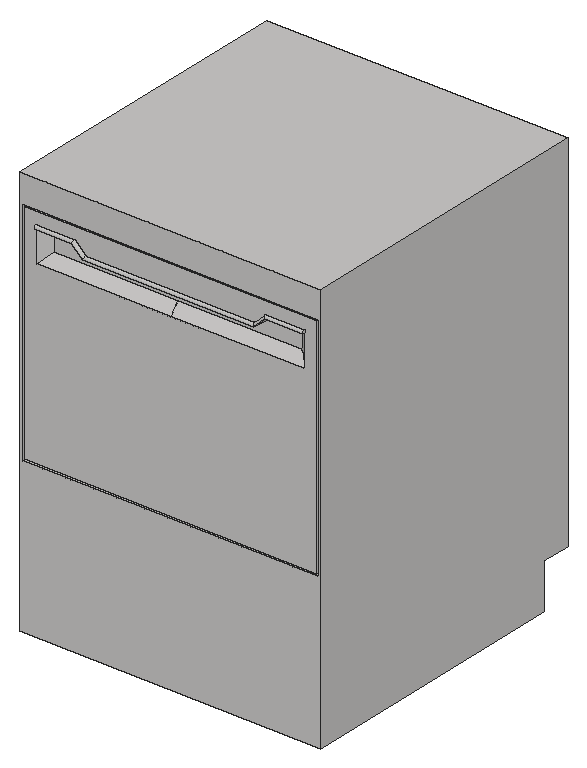
Revit family "QF_ELECTROLUXPROFESSIONAL_502715_ELAI3GUSPH6", category Specialty Equipment, Revit 2018
Family settings
  Round Connector Dimension = Use Diameter
  Part Type = Normal
  Work Plane-Based = No
  Always vertical = Yes
  Cut with Voids When Loaded = No
  Shared = No
  Room Calculation Point = No
Parameters
  Weight = 68.00 kg
  Watts = 0 W
  Volts = 0 V
  URL Manufacturer = ""
  URL = "http://professional.electrolux.com/"
  Steam Supply Size = 0 mm
  Steam Supply Minimum Pressure = 0.0 Pa
  Steam Supply Maximum Pressure = 0.0 Pa
  Steam Pounds per Hour = 0
  Show Logo [instance] = yes
  Show Clearance [instance] = yes
  Refrigeration Suction Line Size = 0 mm
  Refrigeration Liquid Line Size = 0 mm
  Refrigerant Compressor Remote = yes
  Manufacturer = ""
  Phase = 0
  Model = ""
  Length Actual = 600 mm  # constant formula
  Item Number = ""
  Hot Water Size = 0 mm
  Height Actual = 820 mm  # constant formula
  HP = "9.2 HP"
  Gas Size = 0 mm
  Gas KW = 0
  Gas Input Pressure = 0 W
  Direct Waste Size = 20.5 mm
  Description = ""
  Depth Actual = 615 mm  # constant formula
  Cycle = 0 Hz
  Condensate Return Size = 0 mm
  Compressed Air Volume = 0.0 L/s
  Compressed Air Size = 0 mm
  Compressed Air Pressure = 0.0 Pa
  Cold Water Size = 0 mm
  Accessory = yes
Types (2, lengths in mm): name | Volts | URL Manufacturer | URL | Manufacturer | Phase | Model | Item Number | Hot Water Size | Description | Cycle
  (no name) | 0 V | "" | "http://professional.electrolux.com/" | "" | 0 | "" | "" | 0 | "" | 0 Hz
  Standard | 440 V | "http://professional.electrolux.com" | "http://professional.electrolux.com" | "Electrolux Professional" | 3 | "ELAI3GUSPH6" | "502715" | 19.05 | "UNDERCOUNTER(L), DOUBLE SKIN, 3PH, DP, DD, 720D/H - 440V/ 3/ 60HZ USPH" | 60 Hz
Reference planes
  plane 1 "Center (Front/Back)": y = 0
  plane 2: z = 0
  plane 3 "Center (Left/Right)": x = 0
  plane 4 "LEFT": x = -300
  plane 5 "RIGHT": x = 300
  plane 6 "FRONT": y = -307.5
  plane 7 "BACK": y = 307.5
  plane 8: z = 830
  plane 9: z = 10
  plane 10: y = 268.5
Forms (mm)
  Extrusion 1, solid, material "QF_Finishes_Stainless Steel"
    sketch origin (0, 0, 0) x (1, 0, 0) y (0, 1, 0)
      loop
        line (-300, -307.5) -> (300, -307.5) -> (300, 249.5) -> (-300, 249.5) -> (-300, -307.5)
    from 10 to 830
  Extrusion 2, solid, material "QF_Finishes_Stainless Steel"
    sketch origin (0, 0, 0) x (1, 0, 0) y (0, 1, 0)
      loop
        line (-300, 249.5) -> (300, 249.5) -> (300, 307.5) -> (-300, 307.5) -> (-300, 249.5)
    from 100 to 830
  Extrusion 3, solid, material "QF_Finishes_Stainless Steel"
    sketch origin (0, 0, 0) x (1, 0, 0) y (0, 1, 0)
      loop
        circle (-254, 193.5) r 12.5
      loop
        circle (254, 193.5) r 12.5
      loop
        circle (-254, -237.5) r 12.5
      loop
        circle (254, -237.5) r 12.5
    from 0 to 10
  Extrusion 4, void
    sketch origin (-300, -307.5, 0) x (-1, 0, 0) y (0, 0, 1)
      loop
        line (-5, 773.217) -> (-595, 773.217) -> (-595, 315.188) -> (-5, 315.188) -> (-5, 773.217)
    from 0 to 30
  Extrusion 5, solid, material "QF_Finishes_Stainless Steel"
    sketch origin (-274, -411, 733) x (0, 0, -1) y (1, 0, 0)
      loop
        circle (693, 143) r 10
    from -660.5 to -718.5
  Extrusion 6, solid, material "QF_Door-Drawer Clearances", visible <- "Show Clearance", detail levels coarse
    sketch origin (-230, -282.5, 0) x (0, 1, 0) y (0, 0, -1)
      loop
        line (-25, -319.312) -> (-397, -319.312)
        arc (-397, -319.312) -> (-298.139, -616.581) -> (-25, -770) r 434.302
        line (-25, -770) -> (-25, -319.312)
    from 61.225 to -521.647
  Extrusion 7, solid, material "QF_Finishes_Stainless Steel"
    sketch origin (-331.481, -411, 703) x (0, 0, -1) y (1, 0, 0)
      loop
        circle (663, 252.481) r 8
    from -660.5 to -718.5
  Extrusion 8, solid, material "QF_Finishes_Stainless Steel"
    sketch origin (-230, -282.5, 0) x (0, 1, 0) y (0, 0, -1)
      loop
        line (-25, -319.312) -> (-25, -770) -> (0, -770) -> (0, -319.312) -> (-25, -319.312)
    from 61.225 to -521.647
  Extrusion 9, solid, material "QF_Finishes_Stainless Steel"
    sketch origin (-301, 942.75, 760.5) x (0, -1, 0) y (1, 0, 0)
      loop
        circle (663, 158) r 8
    from -660.5 to -670.5
  Blend 10, void
    base sketch origin (-230, -307.5, 770) x (0, 0, -1) y (1, 0, 0)
      loop
        line (93.563, -37.311) -> (93.563, 230) -> (93.563, 497.311) -> (28.563, 497.311) -> (28.563, 422.311) -> (49.776, 401.098) -> (49.776, 230) -> (49.776, 58.902) -> (28.563, 37.689) -> (28.563, -37.311) -> (93.563, -37.311)
    top sketch origin (-230, -307.5, 770) x (0, 0, -1) y (1, 0, 0)
      loop
        line (73.563, -17.311) -> (73.563, 230) -> (73.563, 477.311) -> (31.063, 477.311) -> (31.063, 422.311) -> (52.276, 401.098) -> (52.276, 58.902) -> (31.063, 37.689) -> (31.063, -17.311) -> (73.563, -17.311)
    from 0 to -19.433
  Sweep 11, solid, material "QF_Finishes_Stainless Steel"
    path origin (-230, -307.5, 770) x (0, 0, -1) y (1, 0, 0)
      loop
        line (28.563, -37.311) -> (28.563, 37.689) -> (49.776, 58.902) -> (49.776, 401.098) -> (28.563, 422.311) -> (28.563, 497.311)
    profile origin (-229.811, -307.5, 741.437) x (0, 0, 1) y (0, -1, 0)
      loop
        line (0, 0) -> (5, 0)
        arc (5, 0) -> (3.536, 3.536) -> (0, 5) r 5
        arc (0, 5) -> (-0.037, 0.962) -> (-0.394, -3.06) r 51.04
        line (-0.394, -3.06) -> (0, 0)
Cuts and joins
  Extrusion 4 cuts Extrusion 1
  joined: Extrusion 1, Extrusion 2
  Blend 10 cuts Extrusion 8
Lines and regions (mm)
  Split face 1
    outline origin (-300, -307.5, 830) x (0, 0, -1) y (1, 0, 0)
      loop
        line (56.783, 5) -> (56.783, 0)
      loop
        line (56.783, 595) -> (56.783, 600)
      loop
        line (37.034, 600) -> (37.034, 514.297)
        arc (37.034, 514.297) -> (37.64, 511.25) -> (39.366, 508.667) r 7.962
        line (39.366, 508.667) -> (44.289, 503.744)
        arc (44.289, 503.744) -> (46.135, 500.982) -> (46.783, 497.723) r 8.515
        line (46.783, 497.723) -> (46.783, 87.277)
        arc (46.783, 87.277) -> (46.135, 84.018) -> (44.289, 81.256) r 8.515
        line (44.289, 81.256) -> (39.366, 76.333)
        arc (39.366, 76.333) -> (37.64, 73.75) -> (37.034, 70.703) r 7.962
        line (37.034, 70.703) -> (37.034, 0)
  Split face 2
    outline origin (-300, -307.5, 830) x (0, 0, -1) y (1, 0, 0)
      loop
        line (13.15, 274.82) -> (37.034, 274.82) -> (37.034, 325.18) -> (13.15, 325.18) -> (13.15, 274.82)
  symbolic lines
    curve 1: line (-300, 307.5, 0) -> (300, 307.5, 0)
    curve 2: line (-300, -307.5, 0) -> (-300, 307.5, 0)
    curve 3: line (300, -307.5, 0) -> (-300, -307.5, 0)
    curve 4: line (300, 307.5, 0) -> (300, -307.5, 0)
  symbolic lines, style "QF_Door-Drawer Clearances"
    curve 5: line (-291.225, -679.5, 0) -> (291.647, -679.5, 0)
    curve 6: line (291.647, -679.5, 0) -> (291.647, -307.5, 0)
    curve 7: line (-291.225, -679.5, 0) -> (-291.225, -307.5, 0)
  symbolic lines, style "SpecialityEquipmentHiddenLines"
    curve 8: line (-300, 249.5, 0) -> (300, 249.5, 0)
Dimensions and locks
  equal spacing: plane 4 "LEFT", plane 3 "Center (Left/Right)", plane 5 "RIGHT"
  equal spacing: plane 7 "BACK", plane 1 "Center (Front/Back)", plane 6 "FRONT"
  plane 7 "BACK" to plane 6 "FRONT" = 615 mm
  plane 4 "LEFT" to plane 5 "RIGHT" = 600 mm
  locked: plane 9 to level at 10
  plane 4 "LEFT" to plane 3 "Center (Left/Right)" = 300 mm
  plane 8 to level = 830 mm  (x2)
  Extrusion 9 sketch curve to plane 4 "LEFT" = 157 mm
  level to Extrusion 5 sketch curve = 40 mm
  Extrusion 5 sketch curve to plane 4 "LEFT" = 169 mm
  Extrusion 7 sketch curve to plane 4 "LEFT" = 221 mm
  level to Extrusion 7 sketch curve = 40 mm
  Extrusion 3 to cut or joined group of Extrusion 1, Extrusion 2, Extrusion 4 = 114 mm
  Extrusion 3 to Extrusion 3 = 431 mm
  plane 6 "FRONT" to Extrusion 3 = 70 mm
  plane 1 "Center (Front/Back)" to plane 6 "FRONT" = 307.5 mm
  locked: plane 7 "BACK" to plane 10 at 39
  plane 7 "BACK" to curve 5 = 987 mm
  Extrusion 8 to cut or joined group of Extrusion 1, Extrusion 2, Extrusion 4 = 454.812 mm
  aligned and locked: level to plane 2
  aligned and locked: Extrusion 1 sketch curve to plane 6 "FRONT"
  aligned and locked: Extrusion 1 sketch curve to plane 4 "LEFT"
  aligned and locked: plane 5 "RIGHT" to Extrusion 1 sketch curve
  aligned and locked: Extrusion 1 to plane 9
  aligned and locked: Extrusion 2 sketch curve to Extrusion 1
  aligned and locked: plane 7 "BACK" to Extrusion 2 sketch curve
  aligned and locked: plane 5 "RIGHT" to Extrusion 2 sketch curve
  aligned and locked: plane 9 to Extrusion 3
Automatic sketch dimensions
  Extrusion 1 sketch curve to plane 10 = 19 mm
  Extrusion 2 sketch curve to plane 10 = 19 mm
  plane 4 "LEFT" to Extrusion 3 sketch curve = 46 mm  (x2)
  Extrusion 3 sketch curve to plane 5 "RIGHT" = 46 mm  (x2)
  plane 6 "FRONT" to Extrusion 3 sketch curve = 70 mm  (x2)
  Extrusion 3 sketch curve to plane 10 = 75 mm  (x2)
  Extrusion 4 sketch curve to Extrusion 1 = 5 mm  (x2)
  Extrusion 4 sketch curve to Extrusion 1 = 305.188 mm
  Extrusion 4 sketch curve to Extrusion 1 = 56.783 mm
  Extrusion 8 sketch curve to plane 6 "FRONT" = 0 mm
  Extrusion 8 sketch curve to Extrusion 8 sketch curve = 25 mm
  Extrusion 8 sketch curve to plane 8 = 60 mm
  plane 9 to Extrusion 8 sketch curve = 309.312 mm
  cut or joined group of Extrusion 1, Extrusion 2, Extrusion 4 to Split face 1 sketch curve = 0 mm  (x2)
  Split face 1 sketch curve to cut or joined group of Extrusion 1, Extrusion 2, Extrusion 4 = 0 mm  (x6)
  cut or joined group of Extrusion 1, Extrusion 2, Extrusion 4 to Split face 1 sketch curve = 10 mm
  Split face 1 sketch curve to Split face 1 sketch curve = 2.494 mm  (x2)
  Split face 1 sketch curve to Split face 1 sketch curve = 8.515 mm  (x2)
  cut or joined group of Extrusion 1, Extrusion 2, Extrusion 4 to Split face 1 sketch curve = 11.786 mm  (x2)
  Split face 1 sketch curve to Split face 1 sketch curve = 5.63 mm  (x2)
  Split face 1 sketch curve to Split face 1 sketch curve = 2.332 mm  (x2)
  Split face 1 sketch curve to cut or joined group of Extrusion 1, Extrusion 2, Extrusion 4 = 65.703 mm
  Split face 1 sketch curve to Split face 1 sketch curve = 4.923 mm  (x2)
  Split face 1 sketch curve to cut or joined group of Extrusion 1, Extrusion 2, Extrusion 4 = 97.277 mm
  Split face 2 sketch curve to cut or joined group of Extrusion 1, Extrusion 2, Extrusion 4 = 13.15 mm
  cut or joined group of Extrusion 1, Extrusion 2, Extrusion 4 to Split face 2 sketch curve = 19.749 mm
  Split face 2 sketch curve to cut or joined group of Extrusion 1, Extrusion 2, Extrusion 4 = 269.82 mm
  Split face 2 sketch curve to Split face 2 sketch curve = 50.359 mm
  curve 1 to plane 4 "LEFT" = 0 mm
  curve 7 to plane 6 "FRONT" = 0 mm
  curve 4 to plane 5 "RIGHT" = 0 mm
  curve 8 to plane 10 = 19 mm
  curve 2 to plane 7 "BACK" = 0 mm
  plane 4 "LEFT" to curve 5 = 8.775 mm
  curve 6 to plane 5 "RIGHT" = 8.353 mm
  Extrusion 6 sketch curve to plane 6 "FRONT" = 0 mm
  plane 6 "FRONT" to Extrusion 6 sketch curve = 61.803 mm
  plane 9 to Extrusion 6 sketch curve = 330.118 mm
  Extrusion 6 sketch curve to Extrusion 6 sketch curve = 20.806 mm
  Extrusion 6 sketch curve to plane 6 "FRONT" = 372 mm
  Blend 10 sketch curve to Extrusion 8 = 28.563 mm  (x2)
  Blend 10 sketch curve to Extrusion 8 = 49.776 mm
  Blend 10 sketch curve to Blend 10 sketch curve = 65 mm
  Extrusion 8 to Blend 10 sketch curve = 23.913 mm
  Blend 10 sketch curve to Blend 10 sketch curve = 75 mm  (x2)
  Blend 10 sketch curve to Blend 10 sketch curve = 21.213 mm  (x5)
  Blend 10 sketch curve to Blend 10 sketch curve = 171.098 mm  (x2)
  Blend 10 sketch curve to Blend 10 sketch curve = 0 mm
  Extrusion 8 to Blend 10 sketch curve = 120.549 mm
  Extrusion 8 to Blend 10 sketch curve = 99.335 mm
  Extrusion 8 to Blend 10 sketch curve = 43.913 mm
  Blend 10 sketch curve to Blend 10 sketch curve = 42.5 mm
  Extrusion 8 to Blend 10 sketch curve = 44.335 mm
  Blend 10 sketch curve to Blend 10 sketch curve = 55 mm  (x2)
  Blend 10 sketch curve to Extrusion 8 = 31.063 mm
  Extrusion 8 to Sweep 11 sketch curve = 98.913 mm
  Sweep 11 sketch curve to Sweep 11 sketch curve = 21.213 mm  (x4)
  Extrusion 8 to Sweep 11 sketch curve = 23.913 mm
  Sweep 11 sketch curve to Extrusion 8 = 28.563 mm
  Extrusion 8 to Sweep 11 sketch curve = 99.335 mm
  Extrusion 8 to Sweep 11 sketch curve = 24.335 mm
  profile plane to Sweep 11 sketch curve = 0 mm  (x2)
  Sweep 11 sketch curve to profile plane = 0 mm
  profile plane to Sweep 11 sketch curve = 3.452 mm
  Sweep 11 sketch curve to Sweep 11 sketch curve = 5 mm
  profile plane to Sweep 11 sketch curve = 0.394 mm
  Sweep 11 sketch curve to profile plane = 3.06 mm
  plane 10 to Extrusion 9 sketch curve = 11.25 mm
  radius of Extrusion 3 sketch curve = 12.5 mm  (x4)
  radius of Extrusion 5 sketch curve = 10 mm
  radius of Extrusion 7 sketch curve = 8 mm
  radius of Extrusion 9 sketch curve = 8 mm
Connectors
  piping at (-131, 307.5, 40), diameter 20
    settings: on Extrusion 5, index 1, connector inside diameter 609.6 mm, connector length 0 mm, flow factor 0, pipe flow 0.0 L/s, pressure drop 0.0 Pa, fitting loss kfactor 0, connector angle 0.00°, fixture units 0, engagement length 0 mm, angle of deflection 0.00°, flow configuration 1, flow direction 1, fitting loss method 0, system type 16, joint type 0, gender type 0, connector reference index -1, connector utility 0, adjustable connector no, is connector primary yes, connector description "Drain"
  piping at (-79, 307.5, 40), diameter 16
    settings: on Extrusion 7, index 3, connector inside diameter 609.6 mm, connector length 0 mm, flow factor 0, pipe flow 0.0 L/s, pressure drop 0.0 Pa, fitting loss kfactor 0, connector angle 0.00°, fixture units 0, engagement length 0 mm, angle of deflection 0.00°, flow configuration 1, flow direction 1, fitting loss method 0, system type 20, joint type 0, gender type 0, connector reference index -1, connector utility 0, adjustable connector no, is connector primary no, connector description "Cold Water Inlet"
  electrical at (-143, 279.75, 90), driven by "Volts"
    settings: on Extrusion 9, index 4, voltage 0 V, apparent load 0 VA, apparent load phase1 0 VA, apparent load phase2 0 VA, apparent load phase3 0 VA, power factor 1, load classification "Altro", number of poles 1, system type 31, power factor state 1, is connector primary yes, connector utility no, sub classification motor no, connector description "Electrical Connection"
